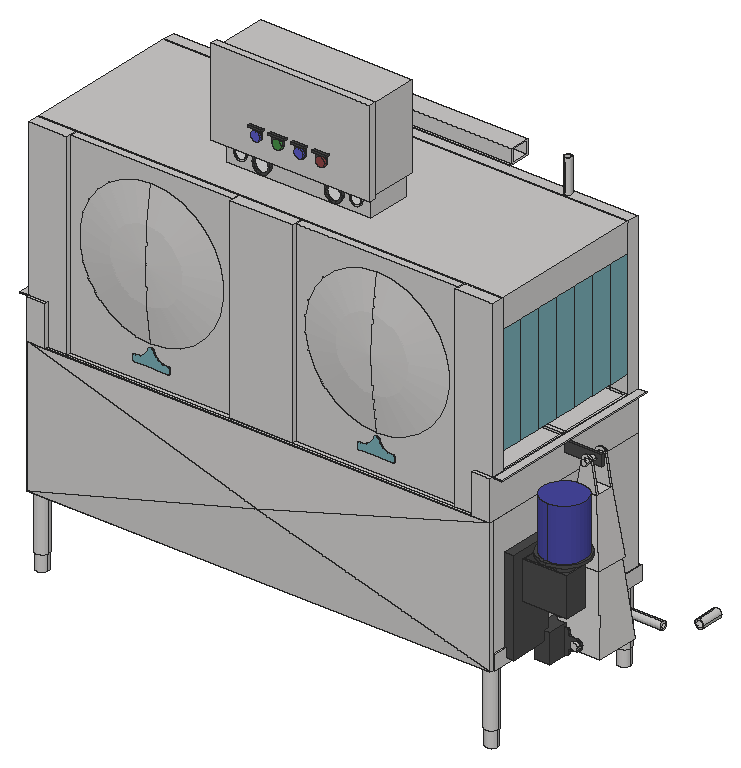
Revit family (continued)
Dimensions and locks (in)
  aligned and locked: plane 8 "Right of Top" to Extrusion 7 sketch curve
  aligned and locked: Extrusion 7 sketch curve to plane 24  (x2)
  aligned and locked: Extrusion 7 sketch curve to plane 25
  aligned and locked: plane 7 "Left of Top" to Extrusion 7 sketch curve
  aligned and locked: Extrusion 7 sketch curve to Extrusion 2
  aligned and locked: Extrusion 7 sketch curve to Extrusion 4
  aligned and locked: Extrusion 7 to plane 18 "Panel Top"
  aligned and locked: plane 8 "Right of Top" to Extrusion 8 sketch curve
  aligned and locked: plane 7 "Left of Top" to Extrusion 8 sketch curve
  aligned and locked: plane 3 "BACK" to Extrusion 8 sketch curve
  aligned and locked: plane 24 to Extrusion 8 sketch curve
  aligned and locked: Extrusion 8 sketch curve to Extrusion 2
  aligned and locked: Extrusion 8 sketch curve to Extrusion 4
  aligned and locked: plane 2 "LEFT" to Extrusion 9 sketch curve
  aligned and locked: Extrusion 9 sketch curve to plane 5 "RIGHT"
  aligned and locked: Extrusion 9 sketch curve to plane 25
  aligned and locked: Extrusion 9 sketch curve to plane 24
  aligned and locked: plane 3 "BACK" to Extrusion 10 sketch curve
  aligned and locked: plane 24 to Extrusion 10 sketch curve
  aligned and locked: plane 2 "LEFT" to Extrusion 10 sketch curve
  aligned and locked: Extrusion 10 sketch curve to plane 5 "RIGHT"
  aligned and locked: Extrusion 10 to plane 16 "Table Height"
  aligned and locked: Extrusion 9 to plane 29 "Top of Opening"
  aligned and locked: Extrusion 11 sketch curve to plane 27
  aligned and locked: plane 2 "LEFT" to Extrusion 11 sketch curve
  aligned and locked: plane 16 "Table Height" to Extrusion 11 sketch curve
  aligned and locked: plane 18 "Panel Top" to Extrusion 11 sketch curve
  aligned and locked: Extrusion 11 sketch curve to Extrusion 2
  aligned and locked: Extrusion 11 to plane 25
  aligned and locked: Extrusion 11 sketch curve to plane 17 "Top of Machine"
  aligned and locked: plane 2 "LEFT" to Blend 12 sketch curve
  aligned and locked: plane 15 "Bottom of Machine" to Blend 12 sketch curve
  aligned and locked: Blend 12 sketch curve to plane 18 "Panel Top"
  aligned and locked: Blend 12 sketch curve to plane 5 "RIGHT"
  aligned and locked: plane 20 to Extrusion 2 sketch curve
  aligned and locked: Extrusion 4 sketch curve to plane 20
  aligned and locked: plane 6 "FRONT" to Extrusion 1 sketch curve
  aligned and locked: plane 2 "LEFT" to Extrusion 13 sketch curve
  aligned and locked: Extrusion 13 sketch curve to plane 6 "FRONT"
  aligned and locked: plane 20 to Extrusion 13 sketch curve
  aligned and locked: Extrusion 13 sketch curve to plane 5 "RIGHT"
  aligned and locked: Extrusion 13 to plane 15 "Bottom of Machine"
  aligned and locked: plane 18 "Panel Top" to Extrusion 13
  aligned and locked: Extrusion 14 sketch curve to plane 17 "Top of Machine"
  aligned and locked: Extrusion 14 sketch curve to plane 5 "RIGHT"
  aligned and locked: plane 16 "Table Height" to Extrusion 14 sketch curve
  aligned and locked: plane 18 "Panel Top" to Extrusion 14 sketch curve
  aligned and locked: Extrusion 14 sketch curve to Extrusion 4
  aligned and locked: Extrusion 14 to plane 25
  aligned and locked: Extrusion 15 sketch curve to plane 28
  aligned and locked: plane 25 to Extrusion 15 sketch curve
  aligned and locked: plane 27 to Extrusion 15 sketch curve
  aligned and locked: Extrusion 15 to plane 18 "Panel Top"
  aligned and locked: plane 30 to Extrusion 16
  aligned and locked: Extrusion 17 to plane 30
  aligned and locked: plane 15 "Bottom of Machine" to Extrusion 17
  aligned and locked: plane 25 to Extrusion 24 sketch curve
  aligned and locked: plane 5 "RIGHT" to Extrusion 24 sketch curve  (x7)
  aligned and locked: plane 24 to Extrusion 24 sketch curve
  aligned and locked: plane 2 "LEFT" to Extrusion 25 sketch curve  (x7)
  aligned and locked: Extrusion 25 sketch curve to plane 24
  aligned and locked: Extrusion 25 sketch curve to plane 25
  aligned and locked: Extrusion 26 sketch curve to plane 36
  aligned and locked: plane 35 "Front of Lower Panel" to Extrusion 26 sketch curve
  aligned and locked: plane 31 to Extrusion 26 sketch curve
  aligned and locked: plane 32 to Extrusion 26 sketch curve
  aligned and locked: Extrusion 27 sketch curve to plane 38 "Back of Panel"
  aligned and locked: plane 37 to Extrusion 27 sketch curve
  aligned and locked: plane 40 to Extrusion 27 sketch curve
  aligned and locked: Extrusion 27 sketch curve to plane 41
  aligned and locked: Extrusion 28 sketch curve to plane 37
  aligned and locked: plane 39 "Front of Upper Panel" to Extrusion 28 sketch curve
  aligned and locked: plane 33 to Extrusion 28 sketch curve
  aligned and locked: Extrusion 28 sketch curve to plane 34
  aligned and locked: Extrusion 31 sketch curve to Extrusion 30  (x2)
  aligned and locked: Extrusion 32 sketch curve to Extrusion 29  (x2)
  aligned and locked: Extrusion 35 sketch curve to Extrusion 34  (x2)
  aligned and locked: Extrusion 36 sketch curve to Extrusion 33  (x2)
  aligned and locked: Extrusion 44 sketch curve to plane 17 "Top of Machine"
  aligned and locked: Extrusion 44 sketch curve to plane 6 "FRONT"
  aligned and locked: plane 25 to Extrusion 44 sketch curve
  aligned and locked: plane 24 to Extrusion 44 sketch curve
  aligned and locked: plane 3 "BACK" to Extrusion 44 sketch curve
  aligned and locked: Extrusion 45 sketch curve to plane 3 "BACK"
  aligned and locked: plane 17 "Top of Machine" to Extrusion 45 sketch curve
  aligned and locked: Extrusion 45 sketch curve to plane 24
  aligned and locked: plane 6 "FRONT" to Extrusion 45 sketch curve
  aligned and locked: Extrusion 45 sketch curve to plane 25
  aligned and locked: plane 6 "FRONT" to Extrusion 46 sketch curve
  aligned and locked: Extrusion 46 sketch curve to plane 17 "Top of Machine"
  aligned and locked: plane 3 "BACK" to Extrusion 46 sketch curve
  aligned and locked: plane 24 to Extrusion 46 sketch curve
  aligned and locked: plane 29 "Top of Opening" to Extrusion 46 sketch curve
  aligned and locked: plane 25 to Extrusion 46 sketch curve
  aligned and locked: Extrusion 46 to plane 42
  aligned and locked: plane 42 to Extrusion 44
  aligned and locked: Extrusion 45 to plane 43
  aligned and locked: plane 43 to Extrusion 47
  aligned and locked: Extrusion 48 sketch curve to plane 46
  aligned and locked: plane 44 to Extrusion 48 sketch curve
  aligned and locked: Extrusion 48 sketch curve to plane 13
  aligned and locked: plane 47 to Extrusion 48 sketch curve
  aligned and locked: plane 48 "Top of Vents" to Extrusion 48
  aligned and locked: Extrusion 49 sketch curve to plane 14
  aligned and locked: plane 45 to Extrusion 49 sketch curve
  aligned and locked: plane 46 to Extrusion 49 sketch curve
  aligned and locked: Extrusion 49 sketch curve to plane 47
  aligned and locked: Extrusion 50 sketch curve to Extrusion 48  (x4)
  aligned and locked: Extrusion 51 sketch curve to Extrusion 49  (x4)
  aligned and locked: Extrusion 55 sketch curve to Extrusion 53
  aligned and locked: Blend 56 sketch curve to Extrusion 55  (x2)
  aligned and locked: Extrusion 65 sketch curve to Extrusion 63  (x2)
  aligned and locked: Extrusion 52 to plane 5 "RIGHT"
  aligned and locked: Extrusion 59 to plane 5 "RIGHT"
  aligned: nested 1 to cut or joined group of Extrusion 44, Extrusion 51
  aligned and locked: plane 14 to nested 1
  aligned and locked: plane 45 to nested 1
  aligned and locked: plane 47 to nested 1
  aligned and locked: nested 1 to plane 46
  aligned and locked: Extrusion 70 to plane 49
  aligned and locked: Extrusion 70 to plane 50
  aligned and locked: Extrusion 71 to plane 50
  aligned and locked: Extrusion 71 to plane 49
  aligned and locked: plane 2 "LEFT" to curve 2
  aligned and locked: plane 3 "BACK" to curve 1
  aligned and locked: curve 4 to plane 5 "RIGHT"
  aligned and locked: plane 6 "FRONT" to curve 3
  aligned and locked: curve 6 to plane 11 "Left End Cowl"
  aligned and locked: curve 7 to plane 6 "FRONT"
  aligned and locked: curve 9 to plane 12 "Right End Cowl"
  aligned and locked: plane 49 to curve 11
  aligned and locked: plane 50 to curve 13
  aligned and locked: curve 12 to plane 51
  aligned and locked: plane 10 "Right of Ledge" to curve 15
  aligned and locked: curve 16 to plane 38 "Back of Panel"
  aligned and locked: plane 37 to curve 18
  aligned and locked: plane 40 to curve 17
  aligned and locked: curve 19 to plane 41
  aligned and locked: plane 33 to curve 23
  aligned and locked: plane 39 "Front of Upper Panel" to curve 22
  aligned and locked: curve 21 to plane 34
  aligned and locked: curve 25 to plane 46
  aligned and locked: curve 28 to plane 13
  aligned and locked: plane 44 to curve 26
  aligned and locked: plane 47 to curve 27
  aligned and locked: plane 47 to curve 31
  aligned and locked: curve 32 to plane 45
  aligned and locked: plane 14 to curve 30
  aligned and locked: curve 29 to plane 46
  aligned and locked: Extrusion 74 sketch curve to plane 21  (x2)
  aligned and locked: plane 53 to Extrusion 74 sketch curve
  aligned and locked: plane 50 to Extrusion 74 sketch curve
  aligned and locked: Extrusion 74 sketch curve to plane 51
  aligned and locked: plane 49 to Extrusion 74 sketch curve
  aligned: plane 48 "Top of Vents" to Extrusion 74
  aligned and locked: plane 4 "TOP" to Extrusion 74
  aligned and locked: plane 17 "Top of Machine" to Extrusion 75 sketch curve
  aligned and locked: Extrusion 75 sketch curve to plane 28
  aligned and locked: plane 27 to Extrusion 75 sketch curve
  aligned and locked: Extrusion 75 sketch curve to plane 54
  aligned and locked: Extrusion 75 to plane 25
  aligned and locked: Extrusion 74 sketch curve to plane 9 "Left of Ledge"
  aligned and locked: Extrusion 74 sketch curve to plane 10 "Right of Ledge"
  aligned and locked: Extrusion 76 sketch curve to plane 53
  aligned and locked: Extrusion 76 sketch curve to plane 10 "Right of Ledge"
  aligned and locked: plane 21 to Extrusion 76 sketch curve
  aligned and locked: Extrusion 76 sketch curve to plane 12 "Right End Cowl"
  aligned and locked: plane 4 "TOP" to Extrusion 76
  aligned and locked: plane 11 "Left End Cowl" to Extrusion 77 sketch curve
  aligned and locked: plane 21 to Extrusion 77 sketch curve
  aligned and locked: Extrusion 77 sketch curve to plane 9 "Left of Ledge"
  aligned and locked: Extrusion 77 sketch curve to plane 53
  aligned and locked: plane 4 "TOP" to Extrusion 77
  aligned and locked: curve 37 to plane 12 "Right End Cowl"
  aligned and locked: curve 36 to plane 53
  aligned and locked: plane 11 "Left End Cowl" to curve 33
  aligned and locked: Extrusion 79 sketch curve to plane 56
  aligned and locked: plane 55 to Extrusion 79 sketch curve
  aligned and locked: Extrusion 80 sketch curve to plane 56
  aligned and locked: plane 55 to Extrusion 80 sketch curve
  aligned and locked: plane 56 to Extrusion 14 sketch curve
  aligned and locked: plane 28 to Extrusion 81 sketch curve
  aligned and locked: Extrusion 81 sketch curve to plane 55
  aligned and locked: Extrusion 81 sketch curve to plane 17 "Top of Machine"
  aligned and locked: plane 18 "Panel Top" to Extrusion 81 sketch curve
  aligned and locked: Extrusion 81 to plane 25
  aligned and locked: Extrusion 81 to plane 6 "FRONT"
  aligned and locked: Extrusion 84 sketch curve to Extrusion 73  (x2)
  aligned and locked: Extrusion 85 sketch curve to Extrusion 83  (x2)
  aligned and locked: Extrusion 86 to plane 59 "Steam Return"
  aligned and locked: plane 2 "LEFT" to cut or joined group of Extrusion 45, Extrusion 50
  aligned and locked: cut or joined group of Extrusion 44, Extrusion 51 to plane 5 "RIGHT"
  aligned and locked: plane 6 "FRONT" to Extrusion 94 sketch curve
  aligned and locked: plane 61 to Extrusion 94 sketch curve
  aligned and locked: plane 25 to Extrusion 94 sketch curve
  aligned and locked: Extrusion 94 sketch curve to plane 62
  aligned and locked: plane 64 to Extrusion 95 sketch curve
  aligned and locked: Extrusion 95 sketch curve to plane 66
  aligned and locked: plane 25 to Extrusion 95 sketch curve
  aligned and locked: plane 6 "FRONT" to Extrusion 95 sketch curve
  aligned and locked: Extrusion 94 to plane 18 "Panel Top"
  aligned and locked: Extrusion 95 to plane 18 "Panel Top"
  aligned and locked: plane 27 to curve 52
  aligned and locked: plane 56 to curve 54
Automatic sketch dimensions
  Extrusion 37 sketch curve to Extrusion 37 sketch curve = 0' - 1"  (x3)
  Extrusion 37 sketch curve to Extrusion 37 sketch curve = 0' - 2"
  Extrusion 37 sketch curve to Extrusion 37 sketch curve = 0' - 0 1/4"  (x5)
  Extrusion 37 sketch curve to Extrusion 37 sketch curve = 0' - 0"  (x2)
  Extrusion 42 sketch curve to Extrusion 42 sketch curve = 0' - 1 1/2"
  Extrusion 42 sketch curve to Extrusion 42 sketch curve = 0' - 0 3/4"  (x3)
  Extrusion 42 sketch curve to Extrusion 42 sketch curve = 0' - 0"  (x3)
  Extrusion 42 sketch curve to Extrusion 42 sketch curve = 0' - 0 7/8"  (x4)
  Extrusion 37 sketch curve to Extrusion 37 sketch curve = 0' - 1 7/8"  (x2)
  Extrusion 37 sketch curve to Extrusion 37 sketch curve = 0' - 2 1/8"
  Extrusion 42 sketch curve to Extrusion 42 sketch curve = 0' - 1 3/8"
  Extrusion 42 sketch curve to Extrusion 42 sketch curve = 0' - 1 5/8"
  Extrusion 42 sketch curve to Extrusion 42 sketch curve = 0' - 0 5/8"
  Extrusion 88 sketch curve to Extrusion 88 sketch curve = 0' - 1"  (x3)
  Extrusion 88 sketch curve to Extrusion 88 sketch curve = 0' - 2"
  Extrusion 88 sketch curve to Extrusion 88 sketch curve = 0' - 0 1/4"  (x5)
  Extrusion 88 sketch curve to Extrusion 88 sketch curve = 0' - 0"  (x2)
  Extrusion 93 sketch curve to Extrusion 93 sketch curve = 0' - 1 1/2"
  Extrusion 93 sketch curve to Extrusion 93 sketch curve = 0' - 0 3/4"  (x3)
  Extrusion 93 sketch curve to Extrusion 93 sketch curve = 0' - 0"  (x3)
  Extrusion 93 sketch curve to Extrusion 93 sketch curve = 0' - 0 7/8"  (x4)
  Extrusion 88 sketch curve to Extrusion 88 sketch curve = 0' - 1 7/8"  (x2)
  Extrusion 88 sketch curve to Extrusion 88 sketch curve = 0' - 2 1/8"
  Extrusion 93 sketch curve to Extrusion 93 sketch curve = 0' - 1 3/8"
  Extrusion 93 sketch curve to Extrusion 93 sketch curve = 0' - 1 5/8"
  Extrusion 93 sketch curve to Extrusion 93 sketch curve = 0' - 0 5/8"
  curve 35 to plane 9 "Left of Ledge" = 0' - 0"
  curve 41 to plane 27 = 0' - 0"
  plane 25 to curve 40 = 0' - 0"
  curve 40 to plane 28 = 0' - 0"
  plane 25 to curve 42 = 0' - 0"
  curve 42 to plane 55 = 0' - 0"
  curve 44 to plane 56 = 0' - 0"
  curve 35 to plane 10 "Right of Ledge" = 0' - 0"
  curve 42 to plane 6 "FRONT" = 0' - 0"
  curve 44 to plane 6 "FRONT" = 0' - 0"
  curve 38 to plane 6 "FRONT" = 0' - 0"
  curve 40 to plane 6 "FRONT" = 0' - 0"
  curve 37 to plane 21 = 0' - 0"
  curve 33 to plane 21 = 0' - 0"
  plane 47 to curve 41 = 0' - 0 7/16"
  plane 47 to curve 45 = 0' - 0 7/16"
  plane 36 to Extrusion 8 sketch curve = 0' - 0 1/4"
  Extrusion 8 sketch curve to plane 36 = 0' - 0 1/4"
  plane 19 to Blend 12 sketch curve = 0' - 7 7/32"
  Blend 12 sketch curve to Blend 12 sketch curve = 0' - 0 1/16"
  Extrusion 24 sketch curve to plane 39 "Front of Upper Panel" = 0' - 0 3/8"
  Extrusion 24 sketch curve to Extrusion 24 sketch curve = 0' - 0 1/8"  (x6)
  plane 35 "Front of Lower Panel" to Extrusion 24 sketch curve = 0' - 1 1/4"
  Extrusion 24 sketch curve to plane 36 = 0' - 1 5/8"
  Extrusion 24 sketch curve to plane 5 "RIGHT" = 0' - 0 1/8"  (x7)
  plane 38 "Back of Panel" to Extrusion 24 sketch curve = 0' - 1"
  Extrusion 24 sketch curve to Extrusion 24 sketch curve = 0' - 3"
  Extrusion 24 sketch curve to plane 59 "Steam Return" = 0' - 1 3/4"
  plane 39 "Front of Upper Panel" to Extrusion 25 sketch curve = 0' - 0 3/8"
  Extrusion 25 sketch curve to Extrusion 25 sketch curve = 0' - 0 1/8"  (x6)
  Extrusion 25 sketch curve to plane 35 "Front of Lower Panel" = 0' - 1 1/4"
  plane 36 to Extrusion 25 sketch curve = 0' - 1 5/8"
  Extrusion 25 sketch curve to plane 2 "LEFT" = 0' - 0 1/8"  (x7)
  Extrusion 25 sketch curve to plane 38 "Back of Panel" = 0' - 1"
  Extrusion 25 sketch curve to Extrusion 25 sketch curve = 0' - 3"
  plane 59 "Steam Return" to Extrusion 25 sketch curve = 0' - 1 3/4"
  Extrusion 29 sketch curve to Extrusion 29 sketch curve = 0' - 0"  (x2)
  Extrusion 30 sketch curve to Extrusion 30 sketch curve = 0' - 0"  (x2)
  Extrusion 33 sketch curve to Extrusion 33 sketch curve = 0' - 0"  (x2)
  Extrusion 34 sketch curve to Extrusion 34 sketch curve = 0' - 0"  (x2)
  plane 49 to Extrusion 43 sketch curve = 0' - 1.49793"
  Extrusion 43 sketch curve to Extrusion 43 sketch curve = 0' - 0.25142"  (x2)
  Extrusion 43 sketch curve to Extrusion 43 sketch curve = 0' - 0.25483"
  plane 49 to Extrusion 43 sketch curve = 0' - 0.94306"
  Extrusion 43 sketch curve to plane 49 = 0' - 0.38874"
  Extrusion 43 sketch curve to plane 49 = 0' - 0.70531"
  Extrusion 43 sketch curve to Extrusion 43 sketch curve = 0' - 0.41934"
  Extrusion 43 sketch curve to plane 49 = 0' - 1 1/8"
  Extrusion 43 sketch curve to Extrusion 43 sketch curve = 0' - 0.42496"
  Extrusion 43 sketch curve to Extrusion 43 sketch curve = 0' - 0"
  Extrusion 43 sketch curve to Extrusion 43 sketch curve = 0' - 1.34753"
  Extrusion 43 sketch curve to Extrusion 43 sketch curve = 0' - 1.51845"
  Extrusion 43 sketch curve to Extrusion 43 sketch curve = 0' - 1.63184"
  Extrusion 43 sketch curve to Extrusion 43 sketch curve = 0' - 0.00341"
  Extrusion 43 sketch curve to plane 16 "Table Height" = 0' - 2.43574"
  Extrusion 43 sketch curve to Extrusion 43 sketch curve = 0' - 1.18481"
  Extrusion 43 sketch curve to Extrusion 43 sketch curve = 0' - 0.48493"  (x2)
  Extrusion 43 sketch curve to Extrusion 43 sketch curve = 0' - 0.09026"
  Extrusion 43 sketch curve to Extrusion 43 sketch curve = 0' - 0.00703"
  Extrusion 44 sketch curve to plane 46 = 0' - 0 1/16"
  plane 47 to Extrusion 44 sketch curve = 0' - 0 1/16"
  Extrusion 44 sketch curve to plane 17 "Top of Machine" = 0' - 0 1/8"
  Extrusion 44 sketch curve to plane 29 "Top of Opening" = 0' - 0.88572"
  Extrusion 44 sketch curve to Extrusion 44 sketch curve = 0' - 0.05178"  (x2)
  Extrusion 44 sketch curve to Extrusion 44 sketch curve = 0' - 1 1/2"  (x2)
  Extrusion 44 sketch curve to Extrusion 44 sketch curve = 0' - 0.17678"  (x2)
  plane 16 "Table Height" to Extrusion 44 sketch curve = 0' - 5.17678"
  plane 47 to Extrusion 45 sketch curve = 0' - 0 1/16"
  Extrusion 45 sketch curve to plane 46 = 0' - 0 1/16"
  Extrusion 45 sketch curve to plane 17 "Top of Machine" = 0' - 0 1/8"
  Extrusion 45 sketch curve to plane 29 "Top of Opening" = 0' - 0.88572"
  Extrusion 45 sketch curve to Extrusion 45 sketch curve = 0' - 0.05178"  (x2)
  Extrusion 45 sketch curve to Extrusion 45 sketch curve = 0' - 1 1/2"  (x2)
  Extrusion 45 sketch curve to Extrusion 45 sketch curve = 0' - 0.17678"  (x2)
  plane 16 "Table Height" to Extrusion 45 sketch curve = 0' - 5.17678"
  Extrusion 46 sketch curve to plane 29 "Top of Opening" = 0' - 0 15/16"
  Extrusion 46 sketch curve to Extrusion 46 sketch curve = 0' - 1 5/8"  (x2)
  plane 16 "Table Height" to Extrusion 46 sketch curve = 0' - 5 1/8"
  Extrusion 47 sketch curve to plane 6 "FRONT" = 0' - 0"
  Extrusion 47 sketch curve to plane 25 = 0' - 0"
  Extrusion 47 sketch curve to plane 24 = 0' - 0"
  Extrusion 47 sketch curve to plane 3 "BACK" = 0' - 0"
  Extrusion 47 sketch curve to plane 29 "Top of Opening" = 0' - 0"
  Extrusion 47 sketch curve to plane 17 "Top of Machine" = 0' - 0"
  Extrusion 47 sketch curve to plane 29 "Top of Opening" = 0' - 0 15/16"
  Extrusion 47 sketch curve to Extrusion 47 sketch curve = 0' - 1 5/8"  (x2)
  plane 16 "Table Height" to Extrusion 47 sketch curve = 0' - 5 1/8"
  plane 47 to Extrusion 48 sketch curve = 0' - 0 1/8"
  Extrusion 48 sketch curve to plane 46 = 0' - 0 1/8"
  Extrusion 48 sketch curve to plane 13 = 0' - 0 1/8"
  plane 44 to Extrusion 48 sketch curve = 0' - 0 1/8"
  Extrusion 49 sketch curve to plane 47 = 0' - 0 1/8"
  plane 46 to Extrusion 49 sketch curve = 0' - 0 1/8"
  Extrusion 49 sketch curve to plane 14 = 0' - 0 1/8"
  plane 45 to Extrusion 49 sketch curve = 0' - 0 1/8"
  plane 23 to Extrusion 52 sketch curve = 0' - 0"
  Extrusion 52 sketch curve to plane 5 "RIGHT" = 0' - 0"
  Extrusion 52 sketch curve to plane 19 = 0' - 0"
  plane 15 "Bottom of Machine" to Extrusion 52 sketch curve = 0' - 0 15/16"
  Extrusion 52 sketch curve to plane 18 "Panel Top" = 0' - 4 9/16"
  Extrusion 53 sketch curve to plane 58 = 0' - 0"
  Extrusion 53 sketch curve to plane 25 = 0' - 1 5/8"
  Extrusion 53 sketch curve to plane 39 "Front of Upper Panel" = 0' - 1 1/2"
  Extrusion 53 sketch curve to plane 39 "Front of Upper Panel" = 0' - 0 3/16"
  Extrusion 53 sketch curve to plane 35 "Front of Lower Panel" = 0' - 0 1/8"
  Extrusion 53 sketch curve to Extrusion 53 sketch curve = 0' - 0 1/4"
  Extrusion 54 sketch curve to plane 39 "Front of Upper Panel" = 0' - 0 3/16"
  Blend 56 sketch curve to plane 39 "Front of Upper Panel" = 0' - 0 3/16"
  Extrusion 57 sketch curve to plane 39 "Front of Upper Panel" = 0' - 0 3/16"
  Extrusion 58 sketch curve to plane 39 "Front of Upper Panel" = 0' - 0 3/16"
  Extrusion 59 sketch curve to plane 5 "RIGHT" = 0' - 0"
  plane 14 to Extrusion 59 sketch curve = 0' - 1 7/16"
  Extrusion 59 sketch curve to plane 58 = 0' - 0 3/4"
  Extrusion 59 sketch curve to plane 16 "Table Height" = 0' - 2 5/16"
  Extrusion 59 sketch curve to Extrusion 59 sketch curve = 0' - 0 3/4"
  Extrusion 59 sketch curve to plane 16 "Table Height" = 0' - 0 13/16"
  Extrusion 60 sketch curve to plane 19 = 0' - 0"
  plane 23 to Extrusion 60 sketch curve = 0' - 0"
  Extrusion 60 sketch curve to plane 5 "RIGHT" = 0' - 0"
  Extrusion 60 sketch curve to plane 14 = 0' - 0 5/16"
  plane 60 to Extrusion 60 sketch curve = 0' - 0 7/16"
  Extrusion 60 sketch curve to Extrusion 60 sketch curve = 0' - 0 7/16"
  Extrusion 61 sketch curve to Extrusion 61 sketch curve = 0' - 0"  (x2)
  plane 15 "Bottom of Machine" to Extrusion 61 sketch curve = 0' - 0 7/16"
  plane 14 to Extrusion 61 sketch curve = 0' - 1 7/16"
  Extrusion 61 sketch curve to Extrusion 61 sketch curve = 0' - 0 5/8"  (x2)
  Extrusion 61 sketch curve to plane 15 "Bottom of Machine" = 0' - 0 5/16"
  Extrusion 61 sketch curve to Extrusion 61 sketch curve = 0' - 0 3/8"  (x2)
  plane 14 to Extrusion 61 sketch curve = 0' - 0 3/16"  (x2)
  Extrusion 61 sketch curve to plane 14 = 0' - 0 1/16"
  Extrusion 61 sketch curve to Extrusion 61 sketch curve = 0' - 0 5/16"
  Extrusion 61 sketch curve to plane 19 = 0' - 0 1/8"
  Extrusion 62 sketch curve to Extrusion 62 sketch curve = 0' - 0"  (x2)
  plane 15 "Bottom of Machine" to Extrusion 62 sketch curve = 0' - 0 7/16"
  plane 14 to Extrusion 62 sketch curve = 0' - 1 7/16"
  Extrusion 62 sketch curve to Extrusion 62 sketch curve = 0' - 0 5/8"  (x2)
  Extrusion 62 sketch curve to plane 15 "Bottom of Machine" = 0' - 0 5/16"
  Extrusion 62 sketch curve to Extrusion 62 sketch curve = 0' - 0 3/8"  (x2)
  plane 14 to Extrusion 62 sketch curve = 0' - 0 3/16"  (x2)
  Extrusion 62 sketch curve to plane 14 = 0' - 0 1/16"
  Extrusion 62 sketch curve to Extrusion 62 sketch curve = 0' - 0 5/16"
  Extrusion 62 sketch curve to plane 19 = 0' - 0 1/8"
  Extrusion 63 sketch curve to Extrusion 63 sketch curve = 0' - 0"  (x6)
  Extrusion 63 sketch curve to plane 14 = 0' - 0"
  plane 14 to Extrusion 63 sketch curve = 0' - 0.69938"
  Extrusion 63 sketch curve to Extrusion 63 sketch curve = 0' - 0.36312"  (x2)
  Extrusion 63 sketch curve to Extrusion 63 sketch curve = 0' - 0 3/8"
  plane 18 "Panel Top" to Extrusion 63 sketch curve = 0' - 0 3/16"
  Extrusion 63 sketch curve to plane 58 = 0' - 0 9/16"
  Extrusion 63 sketch curve to plane 16 "Table Height" = 0' - 1 9/16"
  Extrusion 63 sketch curve to Extrusion 63 sketch curve = 0' - 0.13295"
  Extrusion 64 sketch curve to Extrusion 64 sketch curve = 0' - 0"  (x6)
  Extrusion 64 sketch curve to plane 14 = 0' - 0"
  plane 14 to Extrusion 64 sketch curve = 0' - 0.69938"
  Extrusion 64 sketch curve to Extrusion 64 sketch curve = 0' - 0.36312"  (x2)
  Extrusion 64 sketch curve to Extrusion 64 sketch curve = 0' - 0 3/8"
  plane 18 "Panel Top" to Extrusion 64 sketch curve = 0' - 0 3/16"
  Extrusion 64 sketch curve to plane 58 = 0' - 0 9/16"
  Extrusion 64 sketch curve to plane 16 "Table Height" = 0' - 1 9/16"
  Extrusion 64 sketch curve to Extrusion 64 sketch curve = 0' - 0.13295"
  Blend 66 sketch curve to plane 45 = 0' - 0"
  Blend 66 sketch curve to plane 10 "Right of Ledge" = 0' - 0 5/16"
  Blend 66 sketch curve to plane 36 = 0' - 2 1/4"
  plane 38 "Back of Panel" to Blend 66 sketch curve = 0' - 1 3/4"
  Blend 66 sketch curve to plane 14 = 0' - 0"
  Blend 66 sketch curve to plane 36 = 0' - 1 1/4"
  plane 38 "Back of Panel" to Blend 66 sketch curve = 0' - 0 3/4"
  Blend 66 sketch curve to plane 58 = 0' - 0 9/16"
  plane 45 to Blend 67 sketch curve = 0' - 0 3/4"
  plane 35 "Front of Lower Panel" to Blend 67 sketch curve = 0' - 3"
  plane 38 "Back of Panel" to Blend 67 sketch curve = 0' - 2 1/2"
  plane 10 "Right of Ledge" to Blend 67 sketch curve = 0' - 0 7/16"
  Blend 67 sketch curve to plane 10 "Right of Ledge" = 0' - 0 9/16"
  Blend 67 sketch curve to plane 36 = 0' - 2"
  plane 38 "Back of Panel" to Blend 67 sketch curve = 0' - 1 1/2"
  plane 58 to Blend 67 sketch curve = 0' - 0 3/16"
  Extrusion 68 sketch curve to Extrusion 68 sketch curve = 0' - 0"  (x2)
  plane 15 "Bottom of Machine" to Extrusion 68 sketch curve = 0' - 0 7/16"
  Extrusion 68 sketch curve to plane 58 = 0' - 1 1/2"
  Extrusion 68 sketch curve to Extrusion 68 sketch curve = 0' - 0 1/2"
  Extrusion 69 sketch curve to Extrusion 69 sketch curve = 0' - 0"  (x2)
  Extrusion 70 sketch curve to plane 52 = 0' - 0"
  Extrusion 70 sketch curve to plane 17 "Top of Machine" = 0' - 0"
  Extrusion 70 sketch curve to plane 51 = 0' - 0"
  Extrusion 70 sketch curve to plane 51 = 0' - 0 1/8"
  Extrusion 70 sketch curve to plane 21 = 0' - 0 1/8"
  Extrusion 70 sketch curve to Extrusion 70 sketch curve = 0' - 0 1/8"
  plane 17 "Top of Machine" to Extrusion 70 sketch curve = 0' - 0 1/8"
  Extrusion 70 sketch curve to plane 52 = 0' - 0 1/8"
  Extrusion 71 sketch curve to plane 3 "BACK" = 0' - 0"
  Extrusion 71 sketch curve to plane 17 "Top of Machine" = 0' - 0"
  Extrusion 71 sketch curve to plane 3 "BACK" = 0' - 0 1/4"
  Extrusion 71 sketch curve to Extrusion 71 sketch curve = 0' - 0 1/8"
  Extrusion 73 sketch curve to Extrusion 73 sketch curve = 0' - 0"  (x2)
  curve 15 to plane 6 "FRONT" = 0' - 0"
  plane 3 "BACK" to curve 9 = 0' - 0"
  plane 3 "BACK" to curve 6 = 0' - 0"
  curve 3 to plane 9 "Left of Ledge" = 0' - 0"
  Revolve 78 sketch curve to plane 20 = 0' - 0"
  Revolve 78 sketch curve to plane 20 = 0' - 10 3/4"
  plane 47 to Revolve 78 sketch curve = 0' - 0 7/16"
  plane 35 "Front of Lower Panel" to Revolve 78 sketch curve = 0' - 2 3/4"
  Revolve 78 sketch curve to plane 29 "Top of Opening" = 0' - 7.74993"
  plane 53 to Revolve 78 sketch curve = 1' - 5.49935"
  Revolve 78 sketch curve to plane 29 "Top of Opening" = 0' - 8"  (x2)
  plane 25 to Extrusion 79 sketch curve = 0' - 0"
  plane 47 to Extrusion 79 sketch curve = 0' - 0 7/16"
  Extrusion 80 sketch curve to plane 17 "Top of Machine" = 0' - 0"
  Extrusion 80 sketch curve to plane 54 = 0' - 0"
  Extrusion 82 sketch curve to Extrusion 82 sketch curve = 0' - 0"  (x2)
  Extrusion 83 sketch curve to Extrusion 83 sketch curve = 0' - 0"  (x2)
  Extrusion 86 sketch curve to Extrusion 86 sketch curve = 0' - 0"  (x2)
  Extrusion 86 sketch curve to plane 15 "Bottom of Machine" = 0' - 0"
  Extrusion 86 sketch curve to plane 57 = 0' - 0"
  Sweep 87 sketch curve to plane 58 = 0' - 0"
  Sweep 87 sketch curve to plane 5 "RIGHT" = 0' - 0"
  Sweep 87 sketch curve to plane 15 "Bottom of Machine" = 0' - 0"
  Sweep 87 sketch curve to plane 60 = 0' - 0"
  plane 8 "Right of Top" to Sweep 87 sketch curve = 0' - 0 3/4"
  Sweep 87 sketch curve to Sweep 87 sketch curve = 0' - 0"  (x2)
  Sweep 87 sketch curve to plane 59 "Steam Return" = 0' - 0"
  profile plane to Sweep 87 sketch curve = 0' - 0"
  plane 27 to Extrusion 96 sketch curve = 0' - 0.00171"
  plane 20 to Extrusion 96 sketch curve = 0' - 0.24078"
  plane 27 to Extrusion 97 sketch curve = 0' - 0.00171"
  plane 20 to Extrusion 97 sketch curve = 0' - 0.24078"
  Sweep 98 sketch curve to plane 20 = 0' - 0.63422"
  Sweep 98 sketch curve to plane 20 = 0' - 0.13422"  (x2)
  Sweep 98 sketch curve to plane 6 "FRONT" = 0' - 0.00922"  (x2)
  plane 16 "Table Height" to Sweep 98 sketch curve = 0' - 3 13/16"
  Sweep 98 sketch curve to plane 29 "Top of Opening" = 0' - 4 15/16"
  Sweep 98 sketch curve to plane 63 = 0' - 0"
  Sweep 98 sketch curve to profile plane = 0' - 0"
  curve 48 to plane 63 = 0' - 0"
  curve 51 to plane 65 = 0' - 0"
  curve 53 to plane 6 "FRONT" = 0' - 0"
  curve 54 to plane 6 "FRONT" = 0' - 0"
  curve 55 to plane 6 "FRONT" = 0' - 0"
  curve 52 to plane 6 "FRONT" = 0' - 0"
  curve 55 to plane 55 = 0' - 0"
  curve 53 to plane 28 = 0' - 0"
  curve 48 to plane 20 = 0' - 0.63422"
  curve 49 to plane 20 = 0' - 0.63422"
  curve 49 to plane 6 "FRONT" = 0' - 0.00922"
  curve 47 to plane 6 "FRONT" = 0' - 0.00922"
  curve 50 to plane 6 "FRONT" = 0' - 0.00922"
  curve 46 to plane 6 "FRONT" = 0' - 0.00922"
  curve 50 to curve 51 = 0' - 0 3/8"
  curve 47 to curve 48 = 0' - 0 3/8"
  plane 56 to Extrusion 99 sketch curve = 0' - 0.00171"
  plane 20 to Extrusion 99 sketch curve = 0' - 0.24078"
  plane 56 to Extrusion 100 sketch curve = 0' - 0.00171"
  plane 20 to Extrusion 100 sketch curve = 0' - 0.24078"
  Sweep 101 sketch curve to plane 20 = 0' - 0.63422"
  Sweep 101 sketch curve to plane 20 = 0' - 0.13422"  (x2)
  Sweep 101 sketch curve to plane 6 "FRONT" = 0' - 0.00922"  (x2)
  plane 16 "Table Height" to Sweep 101 sketch curve = 0' - 3 13/16"
  Sweep 101 sketch curve to plane 29 "Top of Opening" = 0' - 4 15/16"
  Sweep 101 sketch curve to plane 65 = 0' - 0"
  Sweep 101 sketch curve to profile plane = 0' - 0"
  Extrusion 102 sketch curve to plane 50 = 0' - 1.49793"
  Extrusion 102 sketch curve to Extrusion 102 sketch curve = 0' - 0.25142"  (x2)
  Extrusion 102 sketch curve to Extrusion 102 sketch curve = 0' - 0.25483"
  Extrusion 102 sketch curve to plane 50 = 0' - 0.94306"
  plane 50 to Extrusion 102 sketch curve = 0' - 0.38874"
  plane 50 to Extrusion 102 sketch curve = 0' - 0.70531"
  Extrusion 102 sketch curve to Extrusion 102 sketch curve = 0' - 0.41934"
  plane 50 to Extrusion 102 sketch curve = 0' - 1 1/8"
  Extrusion 102 sketch curve to Extrusion 102 sketch curve = 0' - 0.42496"
  Extrusion 102 sketch curve to Extrusion 102 sketch curve = 0' - 0"
  Extrusion 102 sketch curve to Extrusion 102 sketch curve = 0' - 1.34753"
  Extrusion 102 sketch curve to Extrusion 102 sketch curve = 0' - 1.51845"
  Extrusion 102 sketch curve to Extrusion 102 sketch curve = 0' - 1.63184"
  Extrusion 102 sketch curve to Extrusion 102 sketch curve = 0' - 0.00341"
  Extrusion 102 sketch curve to plane 19 = 0' - 6.6719"
  Extrusion 102 sketch curve to plane 18 "Panel Top" = 0' - 2.07309"  (x2)
  Extrusion 102 sketch curve to Extrusion 102 sketch curve = 0' - 0.08323"
  Extrusion 102 sketch curve to Extrusion 102 sketch curve = 0' - 0.48493"  (x2)
  plane 16 "Table Height" to Extrusion 102 sketch curve = 0' - 1.37507"
  Revolve 103 sketch curve to plane 20 = 0' - 0"
  Revolve 103 sketch curve to plane 20 = 0' - 10 3/4"
  plane 47 to Revolve 103 sketch curve = 0' - 0 7/16"
  plane 35 "Front of Lower Panel" to Revolve 103 sketch curve = 0' - 2 3/4"
  Revolve 103 sketch curve to plane 29 "Top of Opening" = 0' - 7.74993"
  plane 53 to Revolve 103 sketch curve = 1' - 5.49935"
  Revolve 103 sketch curve to Revolve 103 sketch curve = 0' - 9.74993"
  Revolve 103 sketch curve to plane 29 "Top of Opening" = 0' - 8"
  curve 58 to plane 32 = 0' - 0"
  curve 57 to plane 50 = 0' - 0"
  curve 56 to plane 49 = 0' - 0"
  curve 57 to plane 32 = 0' - 0"
  plane 38 "Back of Panel" to curve 58 = 0' - 2.68336"
  curve 57 to plane 59 "Steam Return" = 0' - 3.82225"
  curve 57 to plane 59 "Steam Return" = 0' - 1.32786"
  radius of Extrusion 38 sketch curve = 0' - 0 5/8"
  radius of Extrusion 39 sketch curve = 0' - 0 5/8"
  radius of Extrusion 40 sketch curve = 0' - 0 5/8"
  radius of Extrusion 41 sketch curve = 0' - 0 5/8"
  radius of Extrusion 89 sketch curve = 0' - 0 5/8"
  radius of Extrusion 90 sketch curve = 0' - 0 5/8"
  radius of Extrusion 91 sketch curve = 0' - 0 5/8"
  radius of Extrusion 92 sketch curve = 0' - 0 5/8"
  radius of Extrusion 16 sketch curve = 0' - 0 13/16"
  radius of Extrusion 17 sketch curve = 0' - 0 15/16"
  radius of Extrusion 18 sketch curve = 0' - 0 13/16"
  radius of Extrusion 19 sketch curve = 0' - 0 15/16"
  radius of Extrusion 20 sketch curve = 0' - 0 13/16"
  radius of Extrusion 21 sketch curve = 0' - 0 15/16"
  radius of Extrusion 22 sketch curve = 0' - 0 13/16"
  radius of Extrusion 23 sketch curve = 0' - 0 15/16"
  radius of Extrusion 29 sketch curve = 0' - 1 1/4"
  radius of Extrusion 29 sketch curve = 0' - 1"
  radius of Extrusion 30 sketch curve = 0' - 0 3/4"
  radius of Extrusion 30 sketch curve = 0' - 0 7/8"
  radius of Extrusion 33 sketch curve = 0' - 1 1/4"
  radius of Extrusion 33 sketch curve = 0' - 1"
  radius of Extrusion 34 sketch curve = 0' - 0 3/4"
  radius of Extrusion 34 sketch curve = 0' - 0 7/8"
  radius of Extrusion 54 sketch curve = 0' - 1 1/16"
  radius of Blend 56 sketch curve = 0' - 2 1/16"
  radius of Extrusion 57 sketch curve = 0' - 3 1/4"
  radius of Extrusion 58 sketch curve = 0' - 2 7/8"
  radius of Extrusion 59 sketch curve = 0' - 0 3/8"
  radius of Extrusion 61 sketch curve = 0' - 0 1/2"
  radius of Extrusion 62 sketch curve = 0' - 0 1/2"
  radius of Extrusion 69 sketch curve = 0' - 0 3/8"
  radius of Extrusion 69 sketch curve = 0' - 0 1/2"
  radius of Extrusion 72 sketch curve = 0' - 0 1/4"
  radius of Extrusion 73 sketch curve = 0' - 1"
  radius of Extrusion 73 sketch curve = 0' - 1 1/8"
  radius of Extrusion 82 sketch curve = 0' - 0 3/8"
  radius of Extrusion 82 sketch curve = 0' - 0 1/2"
  radius of Extrusion 83 sketch curve = 0' - 1"
  radius of Extrusion 83 sketch curve = 0' - 1 1/8"
  radius of Extrusion 86 sketch curve = 0' - 0 1/2"
  radius of Extrusion 86 sketch curve = 0' - 0 5/8"
  radius of Sweep 87 sketch curve = 0' - 0 3/8"
  radius of Sweep 87 sketch curve = 0' - 0 1/2"
  radius of Extrusion 96 sketch curve = 0' - 0 1/4"
  radius of Extrusion 97 sketch curve = 0' - 0 1/4"
  radius of Sweep 98 sketch curve = 0' - 0 3/8"
  radius of Extrusion 99 sketch curve = 0' - 0 1/4"
  radius of Extrusion 100 sketch curve = 0' - 0 1/4"
  radius of Sweep 101 sketch curve = 0' - 0 3/8"
Nested families (in)
  nested 1: "QF_Stero_ER-64_L-R_S_EX" at (69.14022, -48.0625, 0), visible <- "Right Vent", Ventilation Remarks <- "Right Ventilation Remarks", Exhaust Volume <- "Right Exhaust Volume", Exhaust Vent Width <- "Right Exhaust Vent Width", Exhaust Vent Depth <- "Right Exhaust Vent Depth", Exhaust Static Press <- "Right Exhaust Static Press", Exhaust RI Height <- "Right Exhaust RI Height", Item Number <- "Right Exhaust Item Number", type "Nested"
    with Ventilation Remarks "", Item Number "-", Exhaust Volume 0 CFM, Exhaust Vent Width 0' - 3 7/8", Exhaust Vent Depth 2' - 0 7/8", Exhaust Static Press 0.00 in-wg, Exhaust RI Height 0' - 0"
  nested 2: "QF_Stero_ER-64_L-R_S_HW2" at (19.32772, -48.75, 0), Plumbing Remarks <- "Building Plumbing Remarks", Hot Water Temperature <- "Building Hot Water Temperature", Hot Water Size <- "Building Hot Water Size", Hot Water RI Height <- "Building Hot Water RI Height", Hot Water Minimum Pressure <- "Building Hot Water Minimum Pressure", Hot Water Maximum Pressure <- "Building Hot Water Maximum Pressure", Hot Water Flow <- "Building Hot Water Flow", Hot Water Consumption <- "Building Hot Water Consumption", Hot Water Connection Height <- "Building Hot Water Connection Height", Item Number <- "Building HW Item Number", type "Nested"
    with Plumbing Remarks "", Item Number "-", Hot Water Temperature 140 °F, Hot Water Size Radius 3/8", Hot Water Size 3/4", Hot Water RI Height 0' - 0", Hot Water Minimum Pressure 20.00 psi, Hot Water Maximum Pressure 20.00 psi, Hot Water Flow 0.00 GPM, Hot Water Consumption 2.00 GPM, Hot Water Connection Height 5' - 0"
Connectors (in)
  piping at (7.32772, -50, 6), driven by "Indirect Waste Flow"
    settings: on Extrusion 73, index 1, connector radius 1", flow factor 0, pipe flow 0.00 GPM, pressure drop 0.00 psi, fitting loss kfactor 0, connector angle 0.00°, fixture units 0, flow configuration 1, flow direction 2, fitting loss method 0, system type 16, connector reference index -1, connector utility 0, adjustable connector no, is connector primary yes, fitting loss table "", connector description "Indirect Waste"
  piping at (57.57772, -48.75, 60), driven by "Hot Water Flow"
    settings: on Extrusion 69, index 2, connector radius 3/8", flow factor 0, pipe flow 2.01 GPM, pressure drop 0.00 psi, fitting loss kfactor 0, connector angle 0.00°, fixture units 0, flow configuration 1, flow direction 1, fitting loss method 0, system type 19, connector reference index -1, connector utility 0, adjustable connector no, is connector primary no, fitting loss table "", connector description "Booster Hot Water"
  electrical at (44.45272, -59.9375, 68.5), driven by "Number of Poles", driven by "Volts", driven by "Apparent Power"
    settings: on Extrusion 72, index 3, voltage 208 V, apparent load 30082.6 VA, apparent load phase1 0 VA, apparent load phase2 0 VA, apparent load phase3 0 VA, power factor 1, load classification "Other", number of poles 1, system type 30, power factor state 1, is connector primary yes, connector utility no, sub classification motor no, connector description "Electric"
  hvac at (-2.67228, -60.5, 59.5), driven by "Exhaust Volume", driven by "Exhaust Vent Depth", driven by "Exhaust Vent Width", driven by "Exhaust Vent Text"
    settings: on cut or joined group of Extrusion 48, Extrusion 50, index 4, duct flow 0 CFM, flow factor 0, pres drop 0.00 in-wg, loss coef 0, conn angle 0.00°, conn width 3 7/8", conn height 24 7/8", conn radius 12", duct sys type 3, conn prof type 1, flow config 1, flow direction 2, loss method 0, conn ref index -1, conn util no, is conn primary yes, conn desc "Vent, Load End"
  hvac at (71.07772, -60.5, 59.5), driven by "Right Exhaust Volume", driven by "Right Exhaust Vent Depth", driven by "Right Exhaust Vent Width", driven by "Right Exhaust Vent Text"
    settings: on cut or joined group of Extrusion 49, Extrusion 51, index 5, duct flow 0 CFM, flow factor 0, pres drop 0.00 in-wg, loss coef 0, conn angle 0.00°, conn width 3 7/8", conn height 24 7/8", conn radius 12", duct sys type 3, conn prof type 1, flow config 1, flow direction 2, loss method 0, conn ref index -1, conn util no, is conn primary no, conn desc "Vent, Unload End"
  piping at (61.57772, -50, 6), driven by "Indirect Waste Flow"
    settings: on Extrusion 83, index 6, connector radius 1", flow factor 0, pipe flow 0.00 GPM, pressure drop 0.00 psi, fitting loss kfactor 0, connector angle 0.00°, fixture units 0, flow configuration 1, flow direction 2, fitting loss method 0, system type 16, connector reference index -1, connector utility 0, adjustable connector no, is connector primary no, fitting loss table "", connector description "Indirect Waste"
  piping at (19.32772, -48.75, 60), driven by "Building Hot Water Flow"
    settings: on Extrusion 82, index 7, connector radius 3/8", flow factor 0, pipe flow 0.00 GPM, pressure drop 0.00 psi, fitting loss kfactor 0, connector angle 0.00°, fixture units 0, flow configuration 1, flow direction 1, fitting loss method 0, system type 19, connector reference index -1, connector utility 0, adjustable connector no, is connector primary no, fitting loss table "", connector description "Building Hot Water"
  piping at (72.57772, -51, 8)
    settings: on Sweep 87, index 8, connector radius 3/8", flow factor 0, pipe flow 0.00 GPM, pressure drop 0.00 psi, fitting loss kfactor 0, connector angle 0.00°, fixture units 0, flow configuration 1, flow direction 2, fitting loss method 0, system type 8, connector reference index -1, connector utility 0, adjustable connector no, is connector primary no, fitting loss table "", connector description "Steam Return"
  piping at (77.57772, -51, 10), driven by "Steam Supply Volume"
    settings: on Extrusion 86, index 9, connector radius 1/2", flow factor 0, pipe flow 0.00 GPM, pressure drop 0.00 psi, fitting loss kfactor 0, connector angle 0.00°, fixture units 0, flow configuration 1, flow direction 1, fitting loss method 0, system type 7, connector reference index -1, connector utility 0, adjustable connector no, is connector primary no, fitting loss table "", connector description "Steam Supply"
Definition of nested family "QF_Stero_ER-64_L-R_S_EX"
  Parameters (values of type "Nested")
    Watermarked By = "http://revitwatermark.com"
    Ventilation Remarks [instance] = ""
    Type Comments = "⍁⍉⌁⌀⏭⎽⌇⍠⌜⍉⎖⌥⌦⌯⍭⏊⍻⍿⍊⏵⍊⏗⏠⍴⎡⌈⎀⍠⌓⌤⏘⎐⍀⌐⏬⏁⎈⏍⏦⎒⏬⌝⍩⍇⌣〈⎫〉⎁⏊⍥⍖⍥⍝⍦⌖⍀⏌⏭⎝⎼⏷⏞⍻⏯⎽⏷⏞⍻⏯⎽⏷⎺⌻⎝⍎⌧⏷⏟⏿⌿⍜⍦⍤⌁⍬⏶⏎⍊⏚⏉⎞⌡⎀⎪⏈⌟⌿⍾⍼⌟⌿⌢⏮⏝⏝⏛⎽⎻⎷⎳⎻⎗⌾⍼⎴⏿⏰⏑⏮⍮⍺⏼⏅⎏⌽⌻⍽⎝⍮⎧⎯⏛⎼⎮⍾⏬⏇⏎⏳⏦⏠⎧⎳⍷⏿⌏"
    Item Number [instance] = "-"
    Exhaust Volume [instance] = 0 CFM
    Exhaust Vent Width [instance] = 1' - 4"
    Exhaust Vent Depth [instance] = 0' - 4"
    Exhaust Static Press [instance] = 0.00 in-wg
    Exhaust RI Height [instance] = 0' - 0"
    Description = ""
    Assembly Code = ""
  Reference planes (in)
    plane 1 "Center (Back)": y = 0
    plane 2: z = 0
    plane 3 "Center (Left)": x = 0
    plane 4: x = 16
    plane 5: y = -4
  Lines and regions (in)
    symbolic lines, style "QF_Multiple Utilities"
      curve 1: line (0, 0, 0) -> (16, 0, 0)
      curve 2: line (0, -4, 0) -> (0, 0, 0)
      curve 3: line (16, -4, 0) -> (0, -4, 0)
      curve 4: line (16, 0, 0) -> (16, -4, 0)
      curve 5: line (16, 0, 0) -> (0, -4, 0)
      curve 6: line (0, 0, 0) -> (16, -4, 0)
  Dimensions and locks (in)
    "Exhaust Vent Width": plane 3 "Center (Left)" to plane 4
    "Exhaust Vent Depth": plane 1 "Center (Back)" to plane 5
    aligned and locked: level to plane 2
    aligned and locked: plane 1 "Center (Back)" to curve 1
    aligned and locked: plane 3 "Center (Left)" to curve 2
    aligned and locked: curve 3 to plane 5
    aligned and locked: curve 4 to plane 4
Definition of nested family "QF_Stero_ER-64_L-R_S_HW2"
  Parameters (values of type "Nested")
    Watermarked By = "http://revitwatermark.com"
    Type Comments = "⍁⍉⌁⌀⏭⎽⌇⍠⌜⍉⎖⌥⌦⌯⍭⏊⍻⍿⍊⏵⍊⏗⏠⍴⎡⌈⎀⍠⌓⌤⏘⎐⍀⌐⏬⏁⎈⏍⏦⎒⏬⌝⍩⍇⌣〈⎫〉⎁⏊⍥⍖⍥⍝⍦⌖⍀⏌⏭⎝⎼⏷⏞⍻⏯⎽⏷⏞⍻⏯⎽⏷⎺⌻⎝⍎⌧⏷⏟⏿⌿⍜⍦⍤⌁⍬⏶⏎⍊⏚⏉⎞⌡⎀⎪⏈⌟⌿⍾⍼⌟⌿⌢⏮⏝⏝⏛⎽⎻⎷⎳⎻⎗⌾⍼⎴⏿⏰⏑⏮⍮⍺⏼⏅⎏⌽⌻⍽⎝⍮⎧⎯⏛⎼⎮⍾⏬⏇⏎⏳⏦⏠⎧⎳⍷⏿⌏"
    Plumbing Remarks [instance] = ""
    Item Number [instance] = "-"
    Hot Water Temperature [instance] = 0 °F
    Hot Water Size [instance] = 1/4"
    Hot Water RI Height [instance] = 0' - 0"
    Hot Water Minimum Pressure [instance] = 0.00 psi
    Hot Water Maximum Pressure [instance] = 0.00 psi
    Hot Water Flow [instance] = 0.00 GPM
    Hot Water Consumption [instance] = 0.00 GPM
    Hot Water Connection Height [instance] = 0' - 0"
    Description = ""
    Hot Water Size Radius [instance] = Hot Water Size / 2  # 1/8"
    Assembly Code = ""
  Reference planes (in)
    plane 1 "Center (Back)": y = 0
    plane 2: z = 0
    plane 3 "Center (Left)": x = 0
  Lines and regions (in)
    symbolic lines, style "QF_Multiple Utilities"
      curve 1: circle (0, 0, 0) r 0.125 normal (0, 0, 1)
  Dimensions and locks (in)
    "Hot Water Size Radius": radius of curve 1
    aligned and locked: level to plane 2
  Automatic sketch dimensions
    plane 1 "Center (Back)" to curve 1 = 0' - 0"
    curve 1 to plane 3 "Center (Left)" = 0' - 0"
Types (3): name | Watermarked By | Volts | Swing Doors | Standard Doors | Single Door Opening | FL Amps | Apparent Power
  (no name) | "" | 208 V | no | yes | 1' - 10 1/2" | 83.6 A | 30082.6 VA
  208/60/3 | "http://revitwatermark.com" | 208 V | no | yes | 1' - 10 1/2" | 83.6 A | 30082.6 VA
  480/60/3 | "" | 480 V | yes | no | 2' - 0" | 37.9 A | 31472.2 VA
